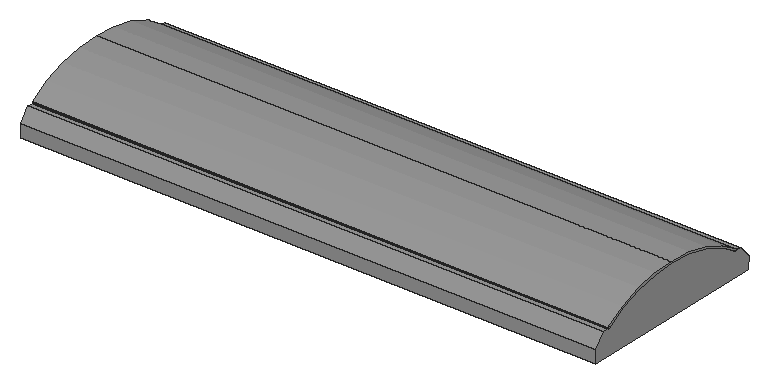
Revit family "r2016_omelta_lyuks-12", category Осветительные приборы, Revit 2016
Family settings
  Основа = Грань
  Тип детали = Нормальный
  Размер круглого соединителя = Использовать диаметр
  При загрузке вырезать с полостями = Нет
  Источник света = Нет
  Общий = Нет
  Точка расчета площади = Да
Parameters (values of type "ВХОД")
  Разработано [instance] = "«support@bimlib.ru»"  # constant formula
  Лампа = "LED"
  Изготовитель = "ООО «Электротехника и Автоматика»"  # constant formula
  Z [instance] = 1000 mm
  ADSK_Примечание [instance] = ""
  ADSK_Позиция [instance] = ""
  ADSK_Марка [instance] = ADSK_Обозначение  # "ЛЮКС-12"
  ADSK_Единица измерения = "шт."
  "Эвакуационный выход" = no
  "Вход" = yes
  X [instance] = 1000 mm
  Default Elevation = 2600 mm
  Y [instance] = 1100 mm
  URL = "https://omelta.com/store/13-lyuks_12/"
  ADSK_Этаж [instance] = ""
  ADSK_Ток [instance] = 0.02 A
  ADSK_Обозначение [instance] = "ЛЮКС-12"  # constant formula
  ADSK_Напряжение [instance] = 12 V
  ADSK_Наименование [instance] = "Световой указатель, IP55"
  ADSK_Материал наименование [instance] = "Пиктограмма \"ВХОД\""
  ADSK_Масса [instance] = 0.18
  ADSK_Код изделия [instance] = "ТУ 4372-002-49518441-04"
  ADSK_Завод-изготовитель [instance] = "ООО «Электротехника и Автоматика»"  # constant formula
  "Запасный выход" = no
  "Выход" = no
Types (5, lengths in mm): name | "Эвакуационный выход" | "Вход" | ADSK_Материал наименование | ADSK_Масса | "Запасный выход" | "Выход"
  (no name) | no | yes | "Пиктограмма \"ВХОД\"" | 0.18 | no | no
  ВЫХОД | no | no | "Пиктограмма \"ВЫХОД\"" | 0.2 | no | yes
  ЗАПАСНЫЙ ВЫХОД | no | no | "Пиктограмма \"ЗАПАСНЫЙ ВЫХОД\"" | 0.18 | yes | no
  ВХОД | no | yes | "Пиктограмма \"ВХОД\"" | 0.18 | no | no
  ЭВАКУАЦИОННЫЙ ВЫХОД | yes | no | "Пиктограмма \"ЭВАКУАЦИОННЫЙ ВЫХОД\"" | 0.2 | no | no
Reference planes
  plane 1 "По центру (Вперед/Назад)": y = 0
  plane 2: z = 0
  plane 3 "По центру (Влево/Вправо)": x = 0
  plane 4: z = -1000
  plane 5: x = 1000
  plane 6: y = 1000
Forms (mm)
  Extrusion 1, solid, detail levels medium
    sketch origin (0, 0, 0) x (1, 0, 0) y (0, 1, 0)
      loop
        line (-1219.2, 1219.2) -> (-1219.2, -1219.2) -> (1219.2, -1219.2) -> (1219.2, 1219.2) -> (-1219.2, 1219.2)
    from 0 to -304.8
  Extrusion 2, solid, material "Пластик", detail levels medium+fine
    sketch origin (151, -37.336, -45) x (0, 0, 1) y (0, 1, 0)
      loop
        line (45, -12.484) -> (51.394, -12.484) -> (57.519, -7.345) -> (57.519, -4.569)
        arc (57.519, -4.569) -> (67.259, 15.279) -> (70, 37.218) r 66.917
        arc (70, 37.218) -> (67.259, 59.156) -> (57.519, 79.004) r 66.917
        line (57.519, 79.004) -> (57.519, 81.781) -> (51.394, 86.92) -> (45, 86.92) -> (45, -12.484)
    from 0 to 300
  Extrusion 3, solid, material "Пластик", not visible, detail levels medium+fine
    sketch origin (151, -37.336, -45) x (0, 0, 1) y (0, 1, 0)
      loop
        line (45, -12.484) -> (51.394, -12.484) -> (57.519, -7.345) -> (57.519, -4.569)
        arc (57.519, -4.569) -> (67.259, 15.279) -> (70, 37.218) r 66.917
        arc (70, 37.218) -> (67.259, 59.156) -> (57.519, 79.004) r 66.917
        line (57.519, 79.004) -> (57.519, 81.781) -> (51.394, 86.92) -> (45, 86.92) -> (45, -12.484)
    from 0 to 300
  Extrusion 4, solid, material "Пиктограмма "Выход"", visible <- ""Выход"", detail levels medium+fine
    sketch origin (2, 0, 0.625) x (0, -1, 0) y (0, 0, 1)
      loop
        arc (0, 24.995) -> (-22, 22.276) -> (-41.904, 12.519) r 66.917
        line (-41.904, 12.519) -> (-41.434, 11.861)
        arc (-41.434, 11.861) -> (-21.757, 21.565) -> (0, 24.384) r 66.917
        arc (0, 24.384) -> (21.757, 21.565) -> (41.434, 11.861) r 66.917
        line (41.434, 11.861) -> (41.904, 12.519)
        arc (41.904, 12.519) -> (22, 22.276) -> (0, 24.995) r 66.917
    from -149 to 151
  Extrusion 5, solid, material "Пиктограммы "Запасный выход"", visible <- ""Запасный выход"", detail levels medium+fine
    sketch origin (2, 0, 0.625) x (0, -1, 0) y (0, 0, 1)
      loop
        arc (0, 24.995) -> (-22, 22.276) -> (-41.904, 12.519) r 66.917
        line (-41.904, 12.519) -> (-41.434, 11.861)
        arc (-41.434, 11.861) -> (-21.757, 21.565) -> (0, 24.384) r 66.917
        arc (0, 24.384) -> (21.757, 21.565) -> (41.434, 11.861) r 66.917
        line (41.434, 11.861) -> (41.904, 12.519)
        arc (41.904, 12.519) -> (22, 22.276) -> (0, 24.995) r 66.917
    from -149 to 151
  Extrusion 6, solid, material "Пиктограмма "Эвакуационный выход"", visible <- ""Эвакуационный выход"", detail levels medium+fine
    sketch origin (2, 0, 0.625) x (0, -1, 0) y (0, 0, 1)
      loop
        arc (0, 24.995) -> (-22, 22.276) -> (-41.904, 12.519) r 66.917
        line (-41.904, 12.519) -> (-41.434, 11.861)
        arc (-41.434, 11.861) -> (-21.757, 21.565) -> (0, 24.384) r 66.917
        arc (0, 24.384) -> (21.757, 21.565) -> (41.434, 11.861) r 66.917
        line (41.434, 11.861) -> (41.904, 12.519)
        arc (41.904, 12.519) -> (22, 22.276) -> (0, 24.995) r 66.917
    from -149 to 151
  Extrusion 7, solid, material "Пиктограмма "Вход"", visible <- ""Вход"", detail levels medium+fine
    sketch origin (2, 0, 0.625) x (0, -1, 0) y (0, 0, 1)
      loop
        arc (0, 24.995) -> (-22, 22.276) -> (-41.904, 12.519) r 66.917
        line (-41.904, 12.519) -> (-41.434, 11.861)
        arc (-41.434, 11.861) -> (-21.757, 21.565) -> (0, 24.384) r 66.917
        arc (0, 24.384) -> (21.757, 21.565) -> (41.434, 11.861) r 66.917
        line (41.434, 11.861) -> (41.904, 12.519)
        arc (41.904, 12.519) -> (22, 22.276) -> (0, 24.995) r 66.917
    from -149 to 151
Lines and regions (mm)
  model lines, not visible, detail levels coarse
    curve 1: line (-150.989, -179.858, 0) -> (-150.989, -179.858, 80)
    curve 2: line (151.011, -179.858, 80) -> (151.011, -179.858, 0)
    curve 4: line (-150.989, -179.858, 0) -> (151.011, -179.858, 0)
    curve 5: line (151.011, -179.858, 80) -> (-150.989, -179.858, 80)
    curve 6: line (151.011, -179.858, 80) -> (-150.989, -179.858, 0)
    curve 7: line (-150.989, -179.858, 80) -> (151.011, -179.858, 0)
  model lines, style "InvisibleLines", not visible, detail levels coarse
    curve 3: line (0.011, -179.858, 0) -> (0.011, -179.858, 40)
  reference lines
    curve 8: line (-146.828, 0, 8.939) -> (378.172, 0, 8.939)
    curve 16: line (0, 0, 100) -> (0, 0, 225)
    curve 17: line (-151, 0, 100) -> (836.334, 0, 100)
  model lines, detail levels coarse
    curve 9: line (-151, 0, 100) -> (-151, 0, 180)
    curve 10: line (151, 0, 180) -> (151, 0, 100)
    curve 12: line (-151, 0, 100) -> (151, 0, 100)
    curve 13: line (151, 0, 180) -> (-151, 0, 180)
    curve 14: line (151, 0, 180) -> (-151, 0, 100)
    curve 15: line (-151, 0, 180) -> (151, 0, 100)
  model lines, style "InvisibleLines", detail levels coarse
    curve 11: line (0, 0, 100) -> (0, 0, 140)
Dimensions and locks
  "Z": plane 6 to curve 8
  "X": plane 5 to curve 16
  "Y": curve 17 to plane 4
  aligned and locked: plane 2 to Extrusion 1
  aligned and locked: level to Extrusion 1
  aligned and locked: curve 8 to curve 13
  aligned and locked: curve 17 to curve 12
  aligned and locked: curve 16 to curve 11
Automatic sketch dimensions
  Extrusion 1 sketch curve to Extrusion 1 sketch curve = 2438.4 mm  (x2)
  Extrusion 4 sketch curve to plane 1 "По центру (Вперед/Назад)" = 0 mm  (x2)
  Extrusion 4 sketch curve to plane 1 "По центру (Вперед/Назад)" = 2.397 mm
  Extrusion 4 sketch curve to Extrusion 4 sketch curve = 0.507 mm  (x2)
  level to Extrusion 4 sketch curve = 12.486 mm  (x2)
  Extrusion 4 sketch curve to plane 1 "По центру (Вперед/Назад)" = 41.434 mm
  level to Extrusion 4 sketch curve = 13.144 mm  (x2)
  Extrusion 4 sketch curve to Extrusion 4 sketch curve = 0.471 mm  (x2)
  plane 1 "По центру (Вперед/Назад)" to Extrusion 4 sketch curve = 2.397 mm
  plane 1 "По центру (Вперед/Назад)" to Extrusion 4 sketch curve = 41.434 mm
  Extrusion 4 sketch curve to level = 41.234 mm
  Extrusion 4 sketch curve to Extrusion 4 sketch curve = 0.632 mm
  Extrusion 5 sketch curve to plane 1 "По центру (Вперед/Назад)" = 0 mm  (x2)
  Extrusion 5 sketch curve to plane 1 "По центру (Вперед/Назад)" = 2.397 mm
  Extrusion 5 sketch curve to Extrusion 5 sketch curve = 0.507 mm  (x2)
  level to Extrusion 5 sketch curve = 12.486 mm  (x2)
  Extrusion 5 sketch curve to plane 1 "По центру (Вперед/Назад)" = 41.434 mm
  level to Extrusion 5 sketch curve = 13.144 mm  (x2)
  Extrusion 5 sketch curve to Extrusion 5 sketch curve = 0.471 mm  (x2)
  plane 1 "По центру (Вперед/Назад)" to Extrusion 5 sketch curve = 2.397 mm
  plane 1 "По центру (Вперед/Назад)" to Extrusion 5 sketch curve = 41.434 mm
  Extrusion 5 sketch curve to level = 41.234 mm
  Extrusion 5 sketch curve to Extrusion 5 sketch curve = 0.632 mm
  Extrusion 6 sketch curve to plane 1 "По центру (Вперед/Назад)" = 0 mm  (x2)
  Extrusion 6 sketch curve to plane 1 "По центру (Вперед/Назад)" = 2.397 mm
  Extrusion 6 sketch curve to Extrusion 6 sketch curve = 0.507 mm  (x2)
  level to Extrusion 6 sketch curve = 12.486 mm  (x2)
  Extrusion 6 sketch curve to plane 1 "По центру (Вперед/Назад)" = 41.434 mm
  level to Extrusion 6 sketch curve = 13.144 mm  (x2)
  Extrusion 6 sketch curve to Extrusion 6 sketch curve = 0.471 mm  (x2)
  plane 1 "По центру (Вперед/Назад)" to Extrusion 6 sketch curve = 2.397 mm
  plane 1 "По центру (Вперед/Назад)" to Extrusion 6 sketch curve = 41.434 mm
  Extrusion 6 sketch curve to level = 41.234 mm
  Extrusion 6 sketch curve to Extrusion 6 sketch curve = 0.632 mm
  Extrusion 7 sketch curve to plane 1 "По центру (Вперед/Назад)" = 0 mm  (x2)
  Extrusion 7 sketch curve to plane 1 "По центру (Вперед/Назад)" = 2.397 mm
  Extrusion 7 sketch curve to Extrusion 7 sketch curve = 0.507 mm  (x2)
  level to Extrusion 7 sketch curve = 12.486 mm  (x2)
  Extrusion 7 sketch curve to plane 1 "По центру (Вперед/Назад)" = 41.434 mm
  level to Extrusion 7 sketch curve = 13.144 mm  (x2)
  Extrusion 7 sketch curve to Extrusion 7 sketch curve = 0.471 mm  (x2)
  plane 1 "По центру (Вперед/Назад)" to Extrusion 7 sketch curve = 2.397 mm
  plane 1 "По центру (Вперед/Назад)" to Extrusion 7 sketch curve = 41.434 mm
  Extrusion 7 sketch curve to level = 41.234 mm
  Extrusion 7 sketch curve to Extrusion 7 sketch curve = 0.632 mm
  curve 9 to curve 10 = 302 mm
  curve 9 to curve 13 = 80 mm
  curve 9 to curve 11 = 151 mm
  curve 1 to curve 2 = 302 mm
  curve 1 to curve 5 = 80 mm
  curve 1 to curve 3 = 151 mm
  Extrusion 2 sketch curve to Extrusion 2 sketch curve = 0 mm
  Extrusion 2 sketch curve to Extrusion 2 sketch curve = 41.859 mm
  Extrusion 2 sketch curve to Extrusion 2 sketch curve = 6.394 mm  (x2)
  Extrusion 2 sketch curve to Extrusion 2 sketch curve = 6.125 mm  (x2)
  Extrusion 2 sketch curve to Extrusion 2 sketch curve = 5.139 mm  (x2)
  Extrusion 2 sketch curve to Extrusion 2 sketch curve = 2.777 mm  (x2)
  Extrusion 2 sketch curve to Extrusion 2 sketch curve = 46.915 mm
  Extrusion 2 sketch curve to Extrusion 2 sketch curve = 5.574 mm
  Extrusion 2 sketch curve to Extrusion 2 sketch curve = 38.999 mm
  Extrusion 3 sketch curve to Extrusion 3 sketch curve = 0 mm
  Extrusion 3 sketch curve to Extrusion 3 sketch curve = 41.859 mm
  Extrusion 3 sketch curve to Extrusion 3 sketch curve = 6.394 mm  (x2)
  Extrusion 3 sketch curve to Extrusion 3 sketch curve = 6.125 mm  (x2)
  Extrusion 3 sketch curve to Extrusion 3 sketch curve = 5.139 mm  (x2)
  Extrusion 3 sketch curve to Extrusion 3 sketch curve = 2.777 mm  (x2)
  Extrusion 3 sketch curve to Extrusion 3 sketch curve = 46.915 mm
  Extrusion 3 sketch curve to Extrusion 3 sketch curve = 5.574 mm
  Extrusion 3 sketch curve to Extrusion 3 sketch curve = 38.999 mm
  curve 17 to curve 16 = 151 mm
  curve 17 to plane 5 = 163.666 mm
  curve 16 to curve 16 = 125 mm
  curve 8 to plane 3 "По центру (Влево/Вправо)" = 146.828 mm
  plane 3 "По центру (Влево/Вправо)" to curve 8 = 378.172 mm
Connectors
  electrical at (0, 0, 0)
    settings: on Extrusion 2, index 2, voltage 0 V, apparent load 0 VA, apparent load phase1 0 VA, apparent load phase2 0 VA, apparent load phase3 0 VA, power factor 1, load classification "Прочее", number of poles 1, system type 12, power factor state 1, is connector primary yes, connector utility yes, sub classification motor no, connector description ""
